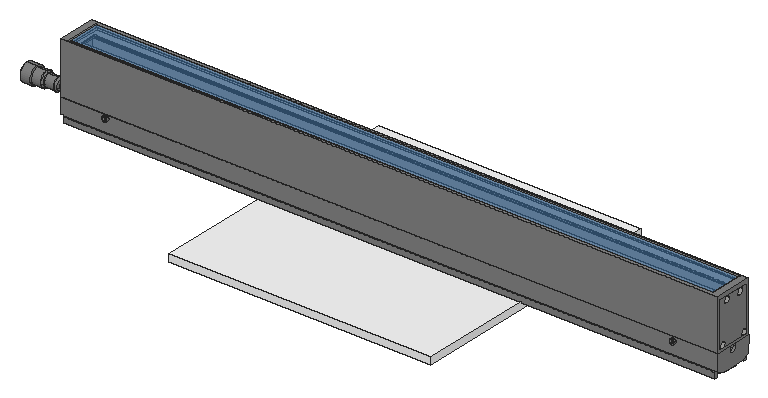
Revit family "BE_77157_de_DE", category Leuchten, Revit 2015
Parameters (values of type "BEGA_77157_Grafit_K4")
  built-in parameter 1150104 = 13.686 (stored number, unit not read)
  Wattage = 33.6 W
  Default Elevation = 0 mm
  built-in parameter 1150113 = 1 (stored number, unit not read)
  built-in parameter 1114218 = 1 (stored number, unit not read)
  Umgebungstemperatur = "25 °C"
  URL = "http://www.bega.de/produkt/77157"
  Typenkommentare = "© 2017 BEGA. Wir behalten uns das Recht vor, technische Änderungen ohne vorherige Ankündigung vorzunehmen."  # constant formula
  Type Image = 77157.png
  built-in parameter 1150134 = 12
  built-in parameter 1150109 = 1 (stored number, unit not read)
  Strom = ""
  built-in parameter 1150110 = 1 (stored number, unit not read)
  Spannung = 239.996 V
  Sonderanfertigung = no
  Seriennummer [instance] = "Hier können Sie die eindeutige Seriennummer für das Facility Management eintragen."
  Schutzklasse = "I"
  Schutzart = "IP 65"
  Scheinlast = 0 VA
  Produktdatenblatt = "http://www.bega.de/download/Xrfa/db/77157.db.de.pdf"
  Oberflächentemperatur = ""
  Neigungswinkel = 0.00°
  Modell = "77157"
  Material_18 = BEGA_Gummi_schwarz
  Material_17 = BEGA_Reflektor
  Material_15 = BEGA_Leuchtmedium_matt
  Material_11 = BEGA_Glas_opal
  Material_10 = BEGA_Glas_matt
  Material_09 = BEGA_Glas_klar
  Material_06 = BEGA_Oberfläche_Edelstahl_gebürstet
  Material_04 = BEGA_Kunststoff_Grafit_matt
  Material_03 = BEGA_Oberfläche_Weiss_matt
  Material_02 = BEGA_Oberfläche_Silber_matt
  Material_01 [instance] = BEGA_Oberfläche_Grafit_matt
  M_W = no
  M_G = yes
  M_A = no
  Logo = 0
  built-in parameter 1114217 = 1 (stored number, unit not read)
  built-in parameter 1150139 = (empty or 0)
  built-in parameter 1150105 = 393.9 (stored number, unit not read)
  built-in parameter 1150114 = 1 (stored number, unit not read)
  Lumens = 4949.95 lm
  built-in parameter 1150115 = 1 (stored number, unit not read)
  Leuchtenlichtstrom = "2245 lm"
  Leuchtenanzahl = ""
  Lebensdauerkriterien = "L70 = 50.000 h"
  Lastklassifizierung = Beleuchtung
  built-in parameter 1150112 = 1 (stored number, unit not read)
  Lampenlichtstrom = "4950 lm"
  Lampe = "LED 33.6 W"
  LED_Modulbezeichnung = "2x LED-0612/840"
  built-in parameter 1150142 = (empty or 0)
  Hersteller = "BEGA"  # constant formula
  Halbstreuwinkel = ""
  Gewicht = "5.5 kg"
  Gebrauchslageneinschränkung [instance] = ""
  Frequenz = "0/50-60 Hz"
  Farbwiedergabeindex = "Ra > 80"
  Farbtemperaturverschiebung bei Dämpfen der Lampe = <Keine Auswahl>
  Farbtemperatur = "4000 K"
  Color Filter = 16777215
  built-in parameter 1150133 = 10 (stored number, unit not read)
  Energieeffizienzklasse = "LED A++ - A"
  built-in parameter 1150137 = (empty or 0)
  built-in parameter 1150132 = (empty or 0)
  ENEC = ""
  Dimmbar [instance] = "DALI"
  Datei für fotometrisches Netz = "BE_77157.IES"
  CE_Konformität = "ja"
  Bestellnummer = "77157"
  Beschreibung_Sonderanfertigung = "Hier können Sie Informationen zur Sonderanfertigung eintragen."
  Beschreibung = "Fassadenscheinwerfer"
  built-in parameter 1150106 = 3.939 (stored number, unit not read)
  Befestigungsbohrung = "Ø 7 mm"
  Befestigungsabstand = "880 mm"
  Ballwurfsicher = ""
  BEGA_Intern_aus = yes
  BEGA_Intern_an = yes
  BEGA_Intern_Konstruktion = yes
  BEGA_Intern = yes
  BEGA_IES = yes
  BEGA_Dummy = no
  Anschlussleitung = "0.5 m X05BQ-F 5 G 1²"
  Anschlussleistung [instance] = "38 W"
  Anschlusskasten = ""
  built-in parameter 1150107 = 4000 (stored number, unit not read)
  built-in parameter 1150102 = (empty or 0)
  built-in parameter 1150138 = (empty or 0)
  Aktualisierung = "2017-01-26T04:13:31"
  Abstand_zur_angestrahlten_Fläche [instance] = ""
  AC/DC = "AC/DC"
Types (4, lengths in mm): name | built-in parameter 1150104 | built-in parameter 1150134 | Modell | M_G | M_A | built-in parameter 1150105 | Lumens | Leuchtenlichtstrom | Lampenlichtstrom | LED_Modulbezeichnung | Farbtemperatur | Datei für fotometrisches Netz | Bestellnummer | built-in parameter 1150106 | built-in parameter 1150107
  BEGA_77157_Grafit_K3 | 12.525 (stored number, unit not read) | (empty or 0) | "77157K3" | yes | no | 360.48 (stored number, unit not read) | 4529.95 lm | "2045 lm" | "4530 lm" | "2x LED-0612/830" | "3000 K" | "BE_77157K3.IES" | "77157K3" | 3.6048 (stored number, unit not read) | 3000 (stored number, unit not read)
  BEGA_77157_Silber_K4 | 13.686 (stored number, unit not read) | (empty or 0) | "77157A" | no | yes | 393.9 (stored number, unit not read) | 4949.95 lm | "2245 lm" | "4950 lm" | "2x LED-0612/840" | "4000 K" | "BE_77157.IES" | "77157A" | 3.939 (stored number, unit not read) | 3000 (stored number, unit not read)
  BEGA_77157_Silber_K3 | 12.525 (stored number, unit not read) | (empty or 0) | "77157AK3" | no | yes | 360.48 (stored number, unit not read) | 4529.95 lm | "2045 lm" | "4530 lm" | "2x LED-0612/830" | "3000 K" | "BE_77157K3.IES" | "77157AK3" | 3.6048 (stored number, unit not read) | 3000 (stored number, unit not read)
  BEGA_77157_Grafit_K4 | 13.686 (stored number, unit not read) | 12 | "77157" | yes | no | 393.9 (stored number, unit not read) | 4949.95 lm | "2245 lm" | "4950 lm" | "2x LED-0612/840" | "4000 K" | "BE_77157.IES" | "77157" | 3.939 (stored number, unit not read) | 4000 (stored number, unit not read)
Reference planes
  plane 1 "Mitte (Vorne/Hinten)": y = 0
  plane 2: z = 0
  plane 3 "Mitte (Links/Rechts)": x = 0
  plane 4 "Links": x = -500
  plane 5 "Rechts": x = 500
  plane 6 "Unten": y = -29
  plane 7 "Oben": y = 29
  plane 8 "Vorne": z = 113
  plane 9 "Hinten": z = 0
Forms (mm)
  Extrusion 1, solid, material "BEGA_Platte_Weiss"
    sketch origin (0, -1119.2, 0) x (1, 0, 0) y (0, 1, 0)
      loop
        line (-200, 1319.2) -> (-200, 919.2) -> (200, 919.2) -> (200, 1319.2) -> (-200, 1319.2)
    from 0 to -10
  Extrusion 2, solid, material "BEGA_Dummy_matt", visible <- "BEGA_Dummy"
    sketch origin (80.095, -76.023, 0) x (1, 0, 0) y (0, 1, 0)
      loop
        line (-580.095, 105.023) -> (-580.095, 47.023) -> (419.905, 47.023) -> (419.905, 105.023) -> (-580.095, 105.023)
    from 0 to 113
Dimensions and locks
  plane 1 "Mitte (Vorne/Hinten)" to Extrusion 1 = 200 mm
  aligned and locked: plane 2 to Extrusion 1
  aligned and locked: level to Extrusion 1
Nested families
  nested 1: "BE_77157_Scheinwerfer" at (0, 0, 0), type "BE_77157_Scheinwerfer"
Connectors
  electrical at (0, 0, 0), driven by "Lastklassifizierung", driven by "Spannung", driven by "Scheinlast"
    settings: index 1, voltage 239.996 V, apparent load 0 VA, apparent load phase1 0 VA, apparent load phase2 0 VA, apparent load phase3 0 VA, power factor 1, load classification "Beleuchtung", number of poles 1, system type 31, power factor state 1, is connector primary yes, connector utility no, sub classification motor no, connector description ""
Definition of nested family "BE_77157_Scheinwerfer"
  Parameters (values of type "BE_77157_Scheinwerfer")
    Default Elevation = 1 mm
    URL = "http://www.bega.de/de/produkt"
    Type Comments = "© 2015 BEGA. Wir behalten uns das Recht vor, technische Änderungen ohne vorherige Ankündigung vorzunehmen. "  # constant formula
    Type Image = (empty or 0)
    Material_18 = none
    Material_17 = none
    Material_15 = none
    Material_11 = none
    Material_10 = none
    Material_09 = none
    Material_06 = none
    Material_04 = none
    Material_03 = none
    Material_02 = none
    Material_01 = none
    M_W = yes
    M_G = yes
    M_A = yes
    Länge_Platte = 1200 mm  # constant formula
    Höhe_Platte = -10 mm  # constant formula
    Manufacturer = "BEGA"  # constant formula
    Breite_Platte = 200 mm  # constant formula
  Reference planes
    plane 1 "Mitte (Oben/Unten)": y = 0
    plane 2: z = 0
    plane 3 "Mitte (Links/Rechts)": x = 0
    plane 4: z = 113.3
    plane 5: y = -29
    plane 6: y = 29
    plane 7: x = -581.9
    plane 8: x = 500
  Forms (mm)
    Extrusion 1, solid, detail levels medium
      sketch origin (0, 0, 0) x (1, 0, 0) y (0, 1, 0)
        loop
          line (-600, 100) -> (-600, -100) -> (600, -100) -> (600, 100) -> (-600, 100)
      from 0 to -10 <- "Höhe_Platte"
    Extrusion 2, solid, material <- "Material_01", visible <- "M_G", detail levels medium+fine
      sketch origin (0, 0, 0) x (0, 1, 0) y (0, 0, 1)
        loop
          line (-29, 0) -> (-26.3, 0) -> (-26.3, 4.91)
          arc (-26.3, 4.91) -> (-26.086, 5.32) -> (-25.627, 5.379) r 0.5
          arc (-25.627, 5.379) -> (-17.92, 3.003) -> (-10, 1.479) r 74
          line (-10, 1.479) -> (-10, 0.2) -> (10, 0.2) -> (10, 1.482)
          arc (10, 1.482) -> (17.921, 3.006) -> (25.629, 5.383) r 73.998
          arc (25.629, 5.383) -> (26.086, 5.326) -> (26.299, 4.918) r 0.497
          line (26.299, 4.918) -> (26.299, 0) -> (29, 0) -> (29, 8.899)
          arc (29, 8.899) -> (28.775, 9.317) -> (28.302, 9.358) r 0.5
          arc (28.302, 9.358) -> (0, 3.5) -> (-28.301, 9.358) r 71.3
          arc (-28.301, 9.358) -> (-28.774, 9.317) -> (-29, 8.899) r 0.5
          line (-29, 8.899) -> (-29, 0)
      from -496 to 496
    Extrusion 3, solid, material <- "Material_01", visible <- "M_G", detail levels medium+fine
      sketch origin (0, 0, 0) x (0, 1, 0) y (0, 0, 1)
        loop
          arc (-29, 9.993) -> (0, 3.8) -> (29, 9.993) r 71
          line (29, 9.993) -> (29, 34.8) -> (25.401, 34.8) -> (25.401, 12.395)
          arc (25.401, 12.395) -> (0, 7.696) -> (-25.401, 12.395) r 71
          line (-25.401, 12.395) -> (-25.401, 34.8) -> (-29, 34.8) -> (-29, 9.993)
      from -496 to 496
    Sweep 4, solid, material <- "Material_01", visible <- "M_G", detail levels medium+fine
      path origin (0, 0, 0) x (1, 0, 0) y (0, 1, 0)
        loop
          line (-500, 29) -> (-500, -29) -> (500, -29) -> (500, 29) -> (-500, 29)
      profile origin (-500, 0, 0) x (1, 0, 0) y (0, 0, 1)
        loop
          line (0, 113.3) -> (0, 34.8) -> (11, 34.8) -> (11, 40.679) -> (3.5, 40.679) -> (3.5, 103.406) -> (17.035, 103.406)
          arc (17.035, 103.406) -> (17.719, 103.711) -> (18, 104.406) r 1
          line (18, 104.406) -> (18, 105.896)
          arc (18, 105.896) -> (17.713, 106.596) -> (17.017, 106.895) r 1
          line (17.017, 106.895) -> (11.125, 106.895) -> (8.794, 113.3) -> (0, 113.3)
    Extrusion 5, void
      sketch origin (239, 0, 0) x (1, 0, 0) y (0, 0, 1)
        loop
          line (261, 37.756) -> (261, 107.746) -> (258.218, 107.746) -> (258.218, 37.756) -> (261, 37.756)
      from -26.267 to 26.244
    Extrusion 6, solid, material <- "Material_01", visible <- "M_G", detail levels medium+fine
      sketch origin (239, 0, 0) x (1, 0, 0) y (0, 0, 1)
        loop
          line (261, 106.748) -> (258.218, 106.748) -> (258.218, 38.353) -> (261, 38.353) -> (261, 106.748)
      from -25.5 to 25.5
    Extrusion 7, solid, material <- "Material_01", visible <- "M_G", detail levels medium+fine
      sketch origin (0, 0, 0) x (0, 1, 0) y (0, 0, 1)
        loop
          line (-29, 34.8) -> (-29, 9.993)
          arc (-29, 9.993) -> (0, 3.8) -> (29, 9.993) r 71
          line (29, 9.993) -> (29, 34.8) -> (6, 34.8) -> (6, 29.8)
          arc (6, 29.8) -> (0, 23.8) -> (-6, 29.8) r 6
          line (-6, 29.8) -> (-6, 34.8) -> (-29, 34.8)
      from 496 to 500
    Extrusion 8, solid, material <- "Material_01", visible <- "M_G", detail levels medium+fine
      sketch origin (-239, 0, 0) x (0, 1, 0) y (0, 0, -1)
        loop
          line (-29, -34.8) -> (-6, -34.8) -> (-6, -29.8)
          arc (-6, -29.8) -> (0, -23.8) -> (6, -29.8) r 6
          line (6, -29.8) -> (6, -34.8) -> (29, -34.8) -> (29, -10.487)
          arc (29, -10.487) -> (0, -4.294) -> (-29, -10.487) r 71
          line (-29, -10.487) -> (-29, -34.8)
      from 257 to 261
    Extrusion 9, void
      sketch origin (0, 0, 0) x (1, 0, 0) y (0, 1, 0)
        loop
          circle (0, 0) r 7.5
        loop
          circle (-440, 0) r 3.5
        loop
          circle (440, 0) r 3.5
      from 0 to 10
    Revolve 10, solid, material <- "Material_01", visible <- "M_G", detail levels medium+fine
      sketch origin (-432, 0, 0) x (0, 1, 0) y (0, 0, 1)
        loop
          line (-31.453, 32.75) -> (-31.453, 31.8) -> (-27.5, 31.8) -> (-27.5, 32.75) -> (-31.453, 32.75)
        axis (-31.453, 28.8) -> (-27.5, 28.8)
      angle from 0 to 360
    Revolve 11, solid, material <- "Material_01", visible <- "M_G", detail levels medium+fine
      sketch origin (432, 0, 0) x (0, 1, 0) y (0, 0, -1)
        loop
          line (-31.453, -32.75) -> (-27.5, -32.75) -> (-27.5, -31.8) -> (-31.453, -31.8) -> (-31.453, -32.75)
        axis (-31.453, -28.8) -> (-27.5, -28.8)
      angle from 0 to 360
    Revolve 12, solid, material <- "Material_06", detail levels fine
      sketch origin (-432, 0, 0) x (0, 1, 0) y (0, 0, 1)
        loop
          line (-30.053, 31.8) -> (-30.053, 28.8) -> (-26.193, 28.8) -> (-26.193, 31.8) -> (-30.053, 31.8)
        axis (-30.053, 28.8) -> (-26.193, 28.8)
      angle from 0 to 360
    Revolve 13, solid, material <- "Material_06", detail levels fine
      sketch origin (432, 0, 0) x (0, 1, 0) y (0, 0, -1)
        loop
          line (-30.053, -31.8) -> (-26.193, -31.8) -> (-26.193, -28.8) -> (-30.053, -28.8) -> (-30.053, -31.8)
        axis (-30.053, -28.8) -> (-26.193, -28.8)
      angle from 0 to 360
    Revolve 14, solid, material <- "Material_04", detail levels medium+fine
      sketch origin (-239, 0, 0) x (1, 0, 0) y (0, 0, 1)
        loop
          line (-320.8, 43.3) -> (-335.5, 43.3) -> (-336.7, 42.1) -> (-336.7, 32.8) -> (-342.9, 32.8) -> (-342.9, 29.8) -> (-260.5, 29.8) -> (-260.5, 34.15) -> (-284, 34.15) -> (-284, 37.8) -> (-287, 39.3) -> (-288, 39.3)
          arc (-288, 39.3) -> (-288.146, 38.947) -> (-288.5, 38.8) r 0.5
          line (-288.5, 38.8) -> (-302.464, 38.8)
          arc (-302.464, 38.8) -> (-303.418, 38.99) -> (-304.228, 39.528) r 2.5
          line (-304.228, 39.528) -> (-305.707, 41.008)
          arc (-305.707, 41.008) -> (-306.032, 41.224) -> (-306.414, 41.3) r 1
          line (-306.414, 41.3) -> (-320, 41.3) -> (-320, 39.8) -> (-320.8, 39.8) -> (-320.8, 43.3)
        axis (-342.9, 29.8) -> (-260.5, 29.8)
      angle from 0 to 360
    Revolve 15, void
      sketch origin (239, -12.5, -0.101) x (1, 0, 0) y (0, 0, 1)
        loop
          line (261.225, 106.482) -> (258.494, 103.752) -> (258.494, 101.902) -> (261.225, 101.902) -> (261.225, 106.482)
        axis (258.494, 101.902) -> (261.225, 101.902)
      angle from 0 to 360
    Revolve 16, void
      sketch origin (239, 12.5, -0.101) x (1, 0, 0) y (0, 0, -1)
        loop
          line (261.225, -106.482) -> (261.225, -101.902) -> (258.494, -101.902) -> (258.494, -103.752) -> (261.225, -106.482)
        axis (258.494, -101.902) -> (261.225, -101.902)
      angle from 0 to 360
    Revolve 17, void
      sketch origin (239, -20.5, -58.602) x (1, 0, 0) y (0, 0, 1)
        loop
          line (261.225, 106.482) -> (258.494, 103.752) -> (258.494, 101.902) -> (261.225, 101.902) -> (261.225, 106.482)
        axis (258.494, 101.902) -> (261.225, 101.902)
      angle from 0 to 360
    Revolve 18, void
      sketch origin (239, 20.5, -58.602) x (1, 0, 0) y (0, 0, -1)
        loop
          line (261.225, -106.482) -> (261.225, -101.902) -> (258.494, -101.902) -> (258.494, -103.752) -> (261.225, -106.482)
        axis (258.494, -101.902) -> (261.225, -101.902)
      angle from 0 to 360
    Extrusion 19, solid, material <- "Material_06", detail levels fine
      sketch origin (239.494, 0, 0) x (0, 1, 0) y (0, 0, 1)
        loop
          circle (-12.5, 101.8) r 4.009
        loop
          circle (12.5, 101.8) r 4.009
        loop
          circle (-20.5, 43.3) r 4.009
        loop
          circle (20.5, 43.3) r 4.009
      from 259.244 to 260.506
    Extrusion 20, solid, material <- "Material_10", detail levels medium+fine
      sketch origin (0, 0, 0) x (1, 0, 0) y (0, 0, 1)
        loop
          line (-489.25, 113) -> (-489.25, 109) -> (489.25, 109) -> (489.25, 113) -> (-489.25, 113)
      from -25 to 25
    Sweep 21, void
      path origin (0, 0, 0) x (1, 0, 0) y (0, 1, 0)
        loop
          line (493.606, 29) -> (-493.606, 29) -> (-493.606, -29) -> (493.606, -29) -> (493.606, 29)
      profile origin (0, 29, 0) x (0, -1, 0) y (0, 0, 1)
        loop
          line (12.06, 106.895) -> (9.517, 113.881) -> (2.237, 113.881) -> (4.779, 106.895) -> (12.06, 106.895)
    Extrusion 22, solid, material <- "Material_02", visible <- "M_A", detail levels medium+fine
      sketch origin (0, 0, 0) x (0, 1, 0) y (0, 0, 1)
        loop
          line (-29, 0) -> (-26.3, 0) -> (-26.3, 4.91)
          arc (-26.3, 4.91) -> (-26.086, 5.32) -> (-25.627, 5.379) r 0.5
          arc (-25.627, 5.379) -> (-17.92, 3.003) -> (-10, 1.479) r 74
          line (-10, 1.479) -> (-10, 0.2) -> (10, 0.2) -> (10, 1.482)
          arc (10, 1.482) -> (17.921, 3.006) -> (25.629, 5.383) r 73.998
          arc (25.629, 5.383) -> (26.086, 5.326) -> (26.299, 4.918) r 0.497
          line (26.299, 4.918) -> (26.299, 0) -> (29, 0) -> (29, 8.899)
          arc (29, 8.899) -> (28.775, 9.317) -> (28.302, 9.358) r 0.5
          arc (28.302, 9.358) -> (0, 3.5) -> (-28.301, 9.358) r 71.3
          arc (-28.301, 9.358) -> (-28.774, 9.317) -> (-29, 8.899) r 0.5
          line (-29, 8.899) -> (-29, 0)
      from -496 to 496
    Extrusion 23, solid, material <- "Material_02", visible <- "M_A", detail levels medium+fine
      sketch origin (0, 0, 0) x (0, 1, 0) y (0, 0, 1)
        loop
          arc (-29, 9.993) -> (0, 3.8) -> (29, 9.993) r 71
          line (29, 9.993) -> (29, 34.8) -> (25.401, 34.8) -> (25.401, 12.395)
          arc (25.401, 12.395) -> (0, 7.696) -> (-25.401, 12.395) r 71
          line (-25.401, 12.395) -> (-25.401, 34.8) -> (-29, 34.8) -> (-29, 9.993)
      from -496 to 496
    Extrusion 24, solid, material <- "Material_02", visible <- "M_A", detail levels medium+fine
      sketch origin (0, 0, 0) x (0, 1, 0) y (0, 0, 1)
        loop
          line (-29, 34.8) -> (-29, 9.993)
          arc (-29, 9.993) -> (0, 3.8) -> (29, 9.993) r 71
          line (29, 9.993) -> (29, 34.8) -> (6, 34.8) -> (6, 29.8)
          arc (6, 29.8) -> (0, 23.8) -> (-6, 29.8) r 6
          line (-6, 29.8) -> (-6, 34.8) -> (-29, 34.8)
      from 496 to 500
    Extrusion 25, solid, material <- "Material_02", visible <- "M_A", detail levels medium+fine
      sketch origin (-239, 0, 0) x (0, 1, 0) y (0, 0, -1)
        loop
          line (-29, -34.8) -> (-6, -34.8) -> (-6, -29.8)
          arc (-6, -29.8) -> (0, -23.8) -> (6, -29.8) r 6
          line (6, -29.8) -> (6, -34.8) -> (29, -34.8) -> (29, -10.487)
          arc (29, -10.487) -> (0, -4.294) -> (-29, -10.487) r 71
          line (-29, -10.487) -> (-29, -34.8)
      from 257 to 261
    Revolve 26, solid, material <- "Material_02", visible <- "M_A", detail levels medium+fine
      sketch origin (-432, 0, 0) x (0, 1, 0) y (0, 0, 1)
        loop
          line (-31.453, 32.75) -> (-31.453, 31.8) -> (-27.5, 31.8) -> (-27.5, 32.75) -> (-31.453, 32.75)
        axis (-31.453, 28.8) -> (-27.5, 28.8)
      angle from 0 to 360
    Revolve 27, solid, material <- "Material_02", visible <- "M_A", detail levels medium+fine
      sketch origin (432, 0, 0) x (0, 1, 0) y (0, 0, -1)
        loop
          line (-31.453, -32.75) -> (-27.5, -32.75) -> (-27.5, -31.8) -> (-31.453, -31.8) -> (-31.453, -32.75)
        axis (-31.453, -28.8) -> (-27.5, -28.8)
      angle from 0 to 360
    Sweep 28, solid, material <- "Material_02", visible <- "M_A", detail levels medium+fine
      path origin (0, 0, 0) x (1, 0, 0) y (0, 1, 0)
        loop
          line (-500, 29) -> (-500, -29) -> (500, -29) -> (500, 29) -> (-500, 29)
      profile origin (-500, 0, 0) x (1, 0, 0) y (0, 0, 1)
        loop
          line (0, 113.3) -> (0, 34.8) -> (11, 34.8) -> (11, 40.679) -> (3.5, 40.679) -> (3.5, 103.406) -> (17.035, 103.406)
          arc (17.035, 103.406) -> (17.719, 103.711) -> (18, 104.406) r 1
          line (18, 104.406) -> (18, 105.896)
          arc (18, 105.896) -> (17.713, 106.596) -> (17.017, 106.895) r 1
          line (17.017, 106.895) -> (11.125, 106.895) -> (8.794, 113.3) -> (0, 113.3)
    Extrusion 29, solid, material <- "Material_02", visible <- "M_A", detail levels medium+fine
      sketch origin (239.281, 0, 0) x (1, 0, 0) y (0, 0, 1)
        loop
          line (260.719, 106.748) -> (257.938, 106.748) -> (257.938, 38.353) -> (260.719, 38.353) -> (260.719, 106.748)
      from -25.5 to 25.5
  Cuts and joins
    Extrusion 5, Sweep 21 cuts Sweep 4
    Extrusion 9 cuts Extrusion 3
    Extrusion 9 cuts Extrusion 7
    Extrusion 9 cuts Extrusion 8
    joined: Extrusion 3, Extrusion 7, Extrusion 8, Revolve 10, Revolve 11
    Extrusion 9 cuts Extrusion 2
    Revolve 15, Revolve 16, Revolve 17, Revolve 18 cuts Extrusion 6
    Extrusion 9 cuts Extrusion 22
    joined: Extrusion 23, Extrusion 24, Extrusion 25, Revolve 26, Revolve 27
    Extrusion 5, Revolve 16, Sweep 21 cuts Sweep 28
    Revolve 15, Revolve 16, Revolve 17, Revolve 18 cuts Extrusion 29
  Dimensions and locks
    equal spacing: Extrusion 1 sketch curve, plane 3 "Mitte (Links/Rechts)", Extrusion 1 sketch curve
    equal spacing: Extrusion 1 sketch curve, plane 1 "Mitte (Oben/Unten)", Extrusion 1 sketch curve
    "Länge_Platte": Extrusion 1 sketch curve to Extrusion 1 sketch curve
    "Breite_Platte": Extrusion 1 sketch curve to Extrusion 1 sketch curve
    aligned and locked: Extrusion 1 to plane 2
    aligned and locked: level to Extrusion 1
  Automatic sketch dimensions
    Extrusion 2 sketch curve to Extrusion 2 sketch curve = 0 mm  (x5)
    Extrusion 2 sketch curve to level = 0 mm  (x2)
    level to Extrusion 2 sketch curve = 8.899 mm
    plane 1 "Mitte (Oben/Unten)" to Extrusion 2 sketch curve = 29 mm
    Extrusion 2 sketch curve to Extrusion 2 sketch curve = 0.5 mm  (x2)
    Extrusion 2 sketch curve to Extrusion 2 sketch curve = 2.7 mm
    level to Extrusion 2 sketch curve = 0.2 mm
    plane 1 "Mitte (Oben/Unten)" to Extrusion 2 sketch curve = 10 mm
    Extrusion 2 sketch curve to plane 1 "Mitte (Oben/Unten)" = 0 mm  (x2)
    Extrusion 2 sketch curve to plane 1 "Mitte (Oben/Unten)" = 10 mm
    level to Extrusion 2 sketch curve = 4.918 mm
    Extrusion 2 sketch curve to Extrusion 2 sketch curve = 15.802 mm
    Extrusion 2 sketch curve to Extrusion 2 sketch curve = 0.497 mm
    Extrusion 2 sketch curve to Extrusion 2 sketch curve = 2.201 mm
    Extrusion 2 sketch curve to Extrusion 2 sketch curve = 2.701 mm
    Extrusion 2 sketch curve to Extrusion 2 sketch curve = 1.279 mm
    Extrusion 2 sketch curve to Extrusion 2 sketch curve = 1.282 mm
    Extrusion 2 sketch curve to Extrusion 2 sketch curve = 3.989 mm
    Extrusion 2 sketch curve to Extrusion 2 sketch curve = 3.981 mm
    Extrusion 2 sketch curve to Extrusion 2 sketch curve = 65.901 mm
    Extrusion 2 sketch curve to Extrusion 2 sketch curve = 0.002 mm
    Extrusion 2 sketch curve to Extrusion 2 sketch curve = 0.198 mm  (x2)
    Extrusion 3 sketch curve to plane 1 "Mitte (Oben/Unten)" = 0 mm  (x2)
    plane 1 "Mitte (Oben/Unten)" to Extrusion 3 sketch curve = 25.401 mm
    Extrusion 3 sketch curve to Extrusion 3 sketch curve = 3.599 mm  (x2)
    level to Extrusion 3 sketch curve = 12.395 mm
    Extrusion 3 sketch curve to plane 1 "Mitte (Oben/Unten)" = 25.401 mm
    Extrusion 3 sketch curve to Extrusion 3 sketch curve = 2.402 mm
    Extrusion 3 sketch curve to Extrusion 3 sketch curve = 22.405 mm  (x2)
    Extrusion 3 sketch curve to Extrusion 3 sketch curve = 40 mm
    Extrusion 3 sketch curve to Extrusion 3 sketch curve = 3.895 mm
    profile plane to Sweep 4 sketch curve = 0 mm
    Sweep 4 sketch curve to profile plane = 3.5 mm
    Sweep 4 sketch curve to profile plane = 8.794 mm
    Sweep 4 sketch curve to Sweep 4 sketch curve = 7.5 mm
    Sweep 4 sketch curve to Sweep 4 sketch curve = 2.331 mm
    Sweep 4 sketch curve to Sweep 4 sketch curve = 5.875 mm
    Sweep 4 sketch curve to Sweep 4 sketch curve = 0 mm
    Sweep 4 sketch curve to Sweep 4 sketch curve = 0.017 mm
    Sweep 4 sketch curve to Sweep 4 sketch curve = 0.035 mm
    Sweep 4 sketch curve to Sweep 4 sketch curve = 1 mm
    level to Sweep 4 sketch curve = 34.8 mm
    Sweep 4 sketch curve to Sweep 4 sketch curve = 5.878 mm
    Sweep 4 sketch curve to Sweep 4 sketch curve = 62.728 mm
    Sweep 4 sketch curve to Sweep 4 sketch curve = 1.49 mm
    Sweep 4 sketch curve to Sweep 4 sketch curve = 9.894 mm
    level to Extrusion 5 sketch curve = 37.756 mm
    plane 3 "Mitte (Links/Rechts)" to Extrusion 5 sketch curve = 497.218 mm
    Extrusion 5 sketch curve to Extrusion 5 sketch curve = 2.782 mm
    Extrusion 5 sketch curve to Extrusion 5 sketch curve = 69.99 mm
    level to Extrusion 6 sketch curve = 38.353 mm
    plane 3 "Mitte (Links/Rechts)" to Extrusion 6 sketch curve = 497.218 mm
    Extrusion 6 sketch curve to Extrusion 6 sketch curve = 2.782 mm
    Extrusion 6 sketch curve to Extrusion 6 sketch curve = 68.395 mm
    Extrusion 7 sketch curve to plane 1 "Mitte (Oben/Unten)" = 0 mm  (x2)
    plane 1 "Mitte (Oben/Unten)" to Extrusion 7 sketch curve = 6 mm
    Extrusion 7 sketch curve to Extrusion 7 sketch curve = 23 mm
    level to Extrusion 7 sketch curve = 9.993 mm
    Extrusion 7 sketch curve to plane 1 "Mitte (Oben/Unten)" = 29 mm
    level to Extrusion 7 sketch curve = 29.8 mm
    Extrusion 7 sketch curve to Extrusion 7 sketch curve = 5 mm  (x2)
    Extrusion 7 sketch curve to Extrusion 7 sketch curve = 40 mm
    Extrusion 8 sketch curve to plane 1 "Mitte (Oben/Unten)" = 0 mm  (x2)
    plane 1 "Mitte (Oben/Unten)" to Extrusion 8 sketch curve = 6 mm
    Extrusion 8 sketch curve to Extrusion 8 sketch curve = 23 mm
    level to Extrusion 8 sketch curve = 10.487 mm
    Extrusion 8 sketch curve to plane 1 "Mitte (Oben/Unten)" = 29 mm
    level to Extrusion 8 sketch curve = 29.8 mm
    Extrusion 8 sketch curve to Extrusion 8 sketch curve = 5 mm  (x2)
    Extrusion 8 sketch curve to Extrusion 8 sketch curve = 40.494 mm
    plane 1 "Mitte (Oben/Unten)" to Revolve 10 sketch curve = 31.453 mm
    Revolve 10 sketch curve to Revolve 10 sketch curve = 3.953 mm
    level to Revolve 10 sketch curve = 31.8 mm
    Revolve 10 sketch curve to Revolve 10 sketch curve = 0.95 mm
    Revolve 10 sketch curve to Revolve 10 sketch curve = 0.641 mm
    Revolve 10 sketch curve to Revolve 10 sketch curve = 2.294 mm
    Revolve 10 sketch curve to Revolve 10 sketch curve = 3 mm
    plane 1 "Mitte (Oben/Unten)" to Revolve 11 sketch curve = 31.453 mm
    Revolve 11 sketch curve to Revolve 11 sketch curve = 3.953 mm
    level to Revolve 11 sketch curve = 32.75 mm
    Revolve 11 sketch curve to Revolve 11 sketch curve = 0.95 mm
    Revolve 11 sketch curve to Revolve 11 sketch curve = 0.641 mm
    Revolve 11 sketch curve to Revolve 11 sketch curve = 2.294 mm
    Revolve 11 sketch curve to Revolve 11 sketch curve = 3 mm
    plane 1 "Mitte (Oben/Unten)" to Revolve 12 sketch curve = 30.053 mm
    Revolve 12 sketch curve to Revolve 12 sketch curve = 3.861 mm
    level to Revolve 12 sketch curve = 28.8 mm
    Revolve 12 sketch curve to Revolve 12 sketch curve = 3 mm
    Revolve 12 sketch curve to Revolve 12 sketch curve = 1.053 mm
    Revolve 12 sketch curve to Revolve 12 sketch curve = 1.25 mm
    Revolve 12 sketch curve to Revolve 12 sketch curve = 0 mm
    plane 1 "Mitte (Oben/Unten)" to Revolve 13 sketch curve = 30.053 mm
    Revolve 13 sketch curve to Revolve 13 sketch curve = 3.861 mm
    level to Revolve 13 sketch curve = 31.8 mm
    Revolve 13 sketch curve to Revolve 13 sketch curve = 3 mm
    Revolve 13 sketch curve to Revolve 13 sketch curve = 1.053 mm
    Revolve 13 sketch curve to Revolve 13 sketch curve = 1.25 mm
    Revolve 13 sketch curve to Revolve 13 sketch curve = 0 mm
    level to Revolve 14 sketch curve = 29.8 mm
    Revolve 14 sketch curve to plane 3 "Mitte (Links/Rechts)" = 581.9 mm
    level to Revolve 14 sketch curve = 42.1 mm
    Revolve 14 sketch curve to Revolve 14 sketch curve = 6.2 mm
    level to Revolve 14 sketch curve = 43.3 mm
    Revolve 14 sketch curve to Revolve 14 sketch curve = 1.2 mm
    Revolve 14 sketch curve to Revolve 14 sketch curve = 14.7 mm
    Revolve 14 sketch curve to Revolve 14 sketch curve = 0.8 mm
    Revolve 14 sketch curve to Revolve 14 sketch curve = 13.586 mm
    level to Revolve 14 sketch curve = 39.528 mm
    Revolve 14 sketch curve to Revolve 14 sketch curve = 2.187 mm
    Revolve 14 sketch curve to Revolve 14 sketch curve = 1.763 mm
    Revolve 14 sketch curve to Revolve 14 sketch curve = 13.964 mm
    Revolve 14 sketch curve to Revolve 14 sketch curve = 0.5 mm
    Revolve 14 sketch curve to Revolve 14 sketch curve = 1 mm  (x2)
    level to Revolve 14 sketch curve = 37.8 mm
    Revolve 14 sketch curve to Revolve 14 sketch curve = 3 mm  (x2)
    Revolve 14 sketch curve to Revolve 14 sketch curve = 23.5 mm
    Revolve 14 sketch curve to Revolve 14 sketch curve = 4.35 mm
    Revolve 14 sketch curve to Revolve 14 sketch curve = 3.5 mm
    Revolve 14 sketch curve to Revolve 14 sketch curve = 0.772 mm
    Revolve 14 sketch curve to Revolve 14 sketch curve = 1.5 mm
    Revolve 14 sketch curve to Revolve 14 sketch curve = 0.707 mm
    level to Revolve 14 sketch curve = 41.008 mm
    Revolve 14 sketch curve to Revolve 14 sketch curve = 0 mm
    Revolve 14 sketch curve to Revolve 14 sketch curve = 3.702 mm
    Revolve 14 sketch curve to Revolve 14 sketch curve = 7.729 mm
    Revolve 14 sketch curve to Revolve 14 sketch curve = 9 mm
    level to Revolve 15 sketch curve = 101.8 mm
    plane 3 "Mitte (Links/Rechts)" to Revolve 15 sketch curve = 497.494 mm
    Revolve 15 sketch curve to Revolve 15 sketch curve = 2.731 mm  (x2)
    Revolve 15 sketch curve to Revolve 15 sketch curve = 1.85 mm
    Revolve 15 sketch curve to Revolve 15 sketch curve = 0 mm  (x2)
    Revolve 15 sketch curve to Revolve 15 sketch curve = 1.225 mm
    level to Revolve 16 sketch curve = 101.8 mm
    plane 3 "Mitte (Links/Rechts)" to Revolve 16 sketch curve = 497.494 mm
    Revolve 16 sketch curve to Revolve 16 sketch curve = 2.731 mm  (x2)
    Revolve 16 sketch curve to Revolve 16 sketch curve = 1.85 mm
    Revolve 16 sketch curve to Revolve 16 sketch curve = 0 mm  (x2)
    Revolve 16 sketch curve to Revolve 16 sketch curve = 1.225 mm
    level to Revolve 17 sketch curve = 43.3 mm
    plane 3 "Mitte (Links/Rechts)" to Revolve 17 sketch curve = 497.494 mm
    Revolve 17 sketch curve to Revolve 17 sketch curve = 2.731 mm  (x2)
    Revolve 17 sketch curve to Revolve 17 sketch curve = 1.85 mm
    Revolve 17 sketch curve to Revolve 17 sketch curve = 0 mm  (x2)
    Revolve 17 sketch curve to Revolve 17 sketch curve = 1.225 mm
    level to Revolve 18 sketch curve = 43.3 mm
    plane 3 "Mitte (Links/Rechts)" to Revolve 18 sketch curve = 497.494 mm
    Revolve 18 sketch curve to Revolve 18 sketch curve = 2.731 mm  (x2)
    Revolve 18 sketch curve to Revolve 18 sketch curve = 1.85 mm
    Revolve 18 sketch curve to Revolve 18 sketch curve = 0 mm  (x2)
    Revolve 18 sketch curve to Revolve 18 sketch curve = 1.225 mm
    plane 1 "Mitte (Oben/Unten)" to Extrusion 19 sketch curve = 20.5 mm
    plane 1 "Mitte (Oben/Unten)" to Extrusion 19 sketch curve = 12.5 mm
    Extrusion 19 sketch curve to plane 1 "Mitte (Oben/Unten)" = 12.5 mm
    Extrusion 19 sketch curve to plane 1 "Mitte (Oben/Unten)" = 20.5 mm
    level to Extrusion 19 sketch curve = 43.3 mm
    Extrusion 19 sketch curve to Extrusion 19 sketch curve = 0 mm  (x2)
    Extrusion 19 sketch curve to Extrusion 19 sketch curve = 58.5 mm
    level to Extrusion 20 sketch curve = 109 mm
    Extrusion 20 sketch curve to plane 3 "Mitte (Links/Rechts)" = 489.25 mm
    plane 3 "Mitte (Links/Rechts)" to Extrusion 20 sketch curve = 489.25 mm
    Extrusion 20 sketch curve to Extrusion 20 sketch curve = 4 mm
    Sweep 21 sketch curve to profile plane = 2.237 mm
    Sweep 21 sketch curve to profile plane = 4.779 mm
    Sweep 21 sketch curve to Sweep 21 sketch curve = 7.28 mm  (x2)
    level to Sweep 21 sketch curve = 106.895 mm
    Sweep 21 sketch curve to Sweep 21 sketch curve = 6.985 mm
    Extrusion 22 sketch curve to Extrusion 22 sketch curve = 0 mm  (x5)
    Extrusion 22 sketch curve to level = 0 mm  (x2)
    level to Extrusion 22 sketch curve = 8.899 mm
    plane 1 "Mitte (Oben/Unten)" to Extrusion 22 sketch curve = 29 mm
    Extrusion 22 sketch curve to Extrusion 22 sketch curve = 0.5 mm  (x2)
    Extrusion 22 sketch curve to Extrusion 22 sketch curve = 2.7 mm
    level to Extrusion 22 sketch curve = 0.2 mm
    plane 1 "Mitte (Oben/Unten)" to Extrusion 22 sketch curve = 10 mm
    Extrusion 22 sketch curve to plane 1 "Mitte (Oben/Unten)" = 0 mm  (x2)
    Extrusion 22 sketch curve to plane 1 "Mitte (Oben/Unten)" = 10 mm
    level to Extrusion 22 sketch curve = 4.918 mm
    Extrusion 22 sketch curve to Extrusion 22 sketch curve = 15.802 mm
    Extrusion 22 sketch curve to Extrusion 22 sketch curve = 0.497 mm
    Extrusion 22 sketch curve to Extrusion 22 sketch curve = 2.201 mm
    Extrusion 22 sketch curve to Extrusion 22 sketch curve = 2.701 mm
    Extrusion 22 sketch curve to Extrusion 22 sketch curve = 1.279 mm
    Extrusion 22 sketch curve to Extrusion 22 sketch curve = 1.282 mm
    Extrusion 22 sketch curve to Extrusion 22 sketch curve = 3.989 mm
    Extrusion 22 sketch curve to Extrusion 22 sketch curve = 3.981 mm
    Extrusion 22 sketch curve to Extrusion 22 sketch curve = 65.901 mm
    Extrusion 22 sketch curve to Extrusion 22 sketch curve = 0.002 mm
    Extrusion 22 sketch curve to Extrusion 22 sketch curve = 0.198 mm  (x2)
    Extrusion 23 sketch curve to plane 1 "Mitte (Oben/Unten)" = 0 mm  (x2)
    plane 1 "Mitte (Oben/Unten)" to Extrusion 23 sketch curve = 25.401 mm
    Extrusion 23 sketch curve to Extrusion 23 sketch curve = 3.599 mm  (x2)
    level to Extrusion 23 sketch curve = 12.395 mm
    Extrusion 23 sketch curve to plane 1 "Mitte (Oben/Unten)" = 25.401 mm
    Extrusion 23 sketch curve to Extrusion 23 sketch curve = 2.402 mm
    Extrusion 23 sketch curve to Extrusion 23 sketch curve = 22.405 mm  (x2)
    Extrusion 23 sketch curve to Extrusion 23 sketch curve = 40 mm
    Extrusion 23 sketch curve to Extrusion 23 sketch curve = 3.895 mm
    Extrusion 24 sketch curve to plane 1 "Mitte (Oben/Unten)" = 0 mm  (x2)
    plane 1 "Mitte (Oben/Unten)" to Extrusion 24 sketch curve = 6 mm
    Extrusion 24 sketch curve to Extrusion 24 sketch curve = 23 mm
    level to Extrusion 24 sketch curve = 9.993 mm
    Extrusion 24 sketch curve to plane 1 "Mitte (Oben/Unten)" = 29 mm
    level to Extrusion 24 sketch curve = 29.8 mm
    Extrusion 24 sketch curve to Extrusion 24 sketch curve = 5 mm  (x2)
    Extrusion 24 sketch curve to Extrusion 24 sketch curve = 40 mm
    Extrusion 25 sketch curve to plane 1 "Mitte (Oben/Unten)" = 0 mm  (x2)
    plane 1 "Mitte (Oben/Unten)" to Extrusion 25 sketch curve = 6 mm
    Extrusion 25 sketch curve to Extrusion 25 sketch curve = 23 mm
    level to Extrusion 25 sketch curve = 10.487 mm
    Extrusion 25 sketch curve to plane 1 "Mitte (Oben/Unten)" = 29 mm
    level to Extrusion 25 sketch curve = 29.8 mm
    Extrusion 25 sketch curve to Extrusion 25 sketch curve = 5 mm  (x2)
    Extrusion 25 sketch curve to Extrusion 25 sketch curve = 40.494 mm
    plane 1 "Mitte (Oben/Unten)" to Revolve 26 sketch curve = 31.453 mm
    Revolve 26 sketch curve to Revolve 26 sketch curve = 3.953 mm
    level to Revolve 26 sketch curve = 31.8 mm
    Revolve 26 sketch curve to Revolve 26 sketch curve = 0.95 mm
    Revolve 26 sketch curve to Revolve 26 sketch curve = 0.641 mm
    Revolve 26 sketch curve to Revolve 26 sketch curve = 2.294 mm
    Revolve 26 sketch curve to Revolve 26 sketch curve = 3 mm
    plane 1 "Mitte (Oben/Unten)" to Revolve 27 sketch curve = 31.453 mm
    Revolve 27 sketch curve to Revolve 27 sketch curve = 3.953 mm
    level to Revolve 27 sketch curve = 32.75 mm
    Revolve 27 sketch curve to Revolve 27 sketch curve = 0.95 mm
    Revolve 27 sketch curve to Revolve 27 sketch curve = 0.641 mm
    Revolve 27 sketch curve to Revolve 27 sketch curve = 2.294 mm
    Revolve 27 sketch curve to Revolve 27 sketch curve = 3 mm
    profile plane to Sweep 28 sketch curve = 0 mm
    Sweep 28 sketch curve to profile plane = 3.5 mm
    Sweep 28 sketch curve to profile plane = 8.794 mm
    Sweep 28 sketch curve to Sweep 28 sketch curve = 7.5 mm
    Sweep 28 sketch curve to Sweep 28 sketch curve = 2.331 mm
    Sweep 28 sketch curve to Sweep 28 sketch curve = 5.875 mm
    Sweep 28 sketch curve to Sweep 28 sketch curve = 0 mm
    Sweep 28 sketch curve to Sweep 28 sketch curve = 0.017 mm
    Sweep 28 sketch curve to Sweep 28 sketch curve = 0.035 mm
    Sweep 28 sketch curve to Sweep 28 sketch curve = 1 mm
    level to Sweep 28 sketch curve = 34.8 mm
    Sweep 28 sketch curve to Sweep 28 sketch curve = 5.878 mm
    Sweep 28 sketch curve to Sweep 28 sketch curve = 62.728 mm
    Sweep 28 sketch curve to Sweep 28 sketch curve = 1.49 mm
    Sweep 28 sketch curve to Sweep 28 sketch curve = 9.894 mm
    level to Extrusion 29 sketch curve = 38.353 mm
    plane 3 "Mitte (Links/Rechts)" to Extrusion 29 sketch curve = 497.218 mm
    Extrusion 29 sketch curve to Extrusion 29 sketch curve = 2.782 mm
    Extrusion 29 sketch curve to Extrusion 29 sketch curve = 68.395 mm
    Sweep 28 sketch curve to plane 5 = 0 mm
    Sweep 28 sketch curve to plane 6 = 0 mm
    Sweep 4 sketch curve to plane 5 = 0 mm
    Sweep 4 sketch curve to plane 6 = 0 mm
    Sweep 21 sketch curve to plane 6 = 0 mm
    Sweep 21 sketch curve to plane 5 = 0 mm
    Extrusion 9 sketch curve to plane 1 "Mitte (Oben/Unten)" = 0 mm
    plane 1 "Mitte (Oben/Unten)" to Extrusion 9 sketch curve = 0 mm  (x2)
    Extrusion 9 sketch curve to plane 3 "Mitte (Links/Rechts)" = 0 mm
    Sweep 4 sketch curve to plane 3 "Mitte (Links/Rechts)" = 500 mm
    Extrusion 9 sketch curve to Extrusion 9 sketch curve = 440 mm
    Sweep 21 sketch curve to plane 3 "Mitte (Links/Rechts)" = 493.606 mm
    Sweep 28 sketch curve to plane 3 "Mitte (Links/Rechts)" = 500 mm
    plane 3 "Mitte (Links/Rechts)" to Sweep 4 sketch curve = 500 mm
    plane 3 "Mitte (Links/Rechts)" to Extrusion 9 sketch curve = 440 mm
    plane 3 "Mitte (Links/Rechts)" to Sweep 21 sketch curve = 493.606 mm
    plane 3 "Mitte (Links/Rechts)" to Sweep 28 sketch curve = 500 mm
    radius of Extrusion 19 sketch curve = 4.009 mm  (x4)
    radius of Extrusion 9 sketch curve = 7.5 mm
    radius of Extrusion 9 sketch curve = 3.5 mm  (x2)
